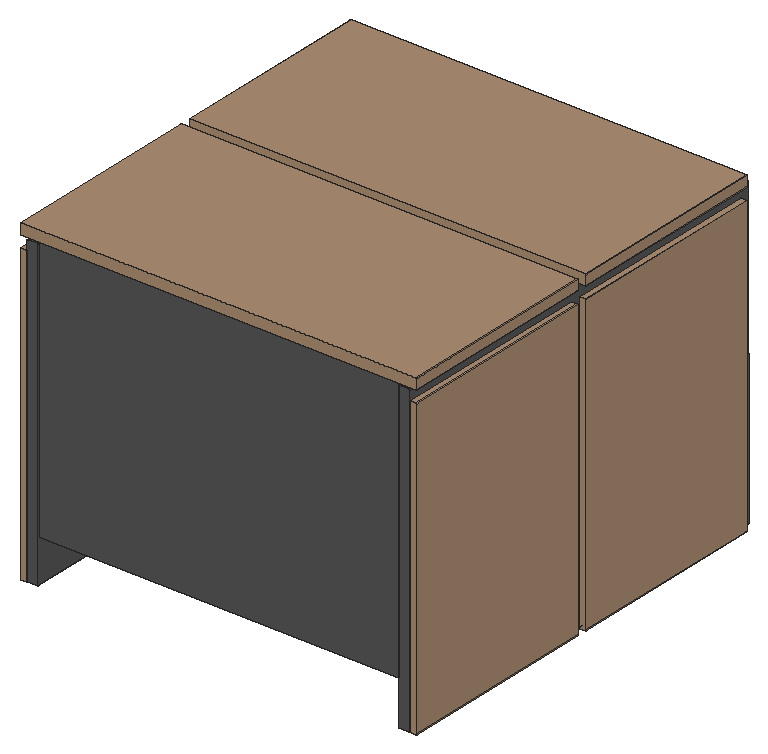
Revit family "Sanitary_Compound-Units_hansgrohe_54254XXX-Xilesa-E-Vanity-unit_580-470_2-drawer_wash-basin", category Furniture, host Face, Revit 2022
Family settings
  Host = Face
  OmniClass Number = 23.21.19.15.33.13
  OmniClass Title = Residential Bathroom Specialty Casework
  Cut with Voids When Loaded = No
  Render Appearance Source = Family Geometry
  Shared = No
  Room Calculation Point = No
Parameters (values of type "550 Cashmere Oak")
  Version = 1  # constant formula
  URL = "https://www.hansgrohe.com/"
  Product data url = "https://www.bimobject.com/en/hansgrohe/product/54254XXX"
  Product Page URL = "https://www.hansgrohe.com/articledetail--54254550"
  Model = "54254XXX"  # constant formula
  Material 3 = Hansgrohe - Metal - Black
  Material 2 = Hansgrohe - MDF - Matt Black
  Material 1 = Hansgrohe - MDF - 550 Cashmere Oak
  Manufacturer = "Hansgrohe"  # constant formula
  Height = 0 mm
  Description = "Xilesa E Vanity unit 580/470 with 2 drawers for wash basin"  # constant formula
  Default Elevation = 0 mm
  Date Updated = ""
  Date Created = "2024/02/03"  # constant formula
Types (5, lengths in mm): name | Material 1
  (no name) | Hansgrohe - MDF - 550 Cashmere Oak
  550 Cashmere Oak | Hansgrohe - MDF - 550 Cashmere Oak
  700 Matt White | Hansgrohe - MDF - 700 Matt White
  760 Slate Matt Grey | Hansgrohe - MDF - 760 Slate Matt Grey
  780 Sand Matt Beige | Hansgrohe - MDF - 780 Sand Matt Beige
Reference planes
  plane 1 "Center (Front/Back)": y = 0
  plane 2: z = 0
  plane 3 "Center (Left/Right)": x = 0
  plane 4: x = -290
  plane 5: y = -620
  plane 6: z = 468
  plane 7: x = 290
Dimensions and locks
  aligned and locked: plane 2 to host face
  aligned and locked: level to host face
Nested families
  nested 1: "54254XXX" at (0, -620, 0) x (1, 0, 0) z (0, 1, 0), Material 1 <- "Material 1", Material 2 <- "Material 2", Material 3 <- "Material 3", type "54254XXX"
    with Material 3 Hansgrohe - Metal - Black, Material 2 Hansgrohe - MDF - Matt Black, Material 1 Hansgrohe - MDF - 550 Cashmere Oak
Definition of nested family "54254XXX"
  Parameters (values of type "54254XXX")
    Version = 1  # constant formula
    URL = "https://www.hansgrohe.com/"
    Product data url = "https://www.bimobject.com/en/hansgrohe/product/54254XXX"
    Product Page URL = "https://www.hansgrohe.com/articledetail--54254550"
    Model = "54254XXX"  # constant formula
    Material 3 [instance] = none
    Material 2 [instance] = none
    Material 1 [instance] = none
    Manufacturer = "Hansgrohe"  # constant formula
    Description = "Xilesa E Vanity unit 580/470 with 2 drawers for wash basin"  # constant formula
    Default Elevation = 1219.2 mm
    Date Updated = ""
    Date Created = "2024/12/16"  # constant formula
  Reference planes
    plane 1 "Center (Front/Back)": y = 0
    plane 2: z = 0
    plane 3 "Center (Left/Right)": x = 0
  Forms (mm)
    Extrusion 1, solid, material <- "Material 1", detail levels medium+fine
      sketch origin (0, 0, 0) x (1, 0, 0) y (0, 1, 0)
        loop
          line (-280.6, 0) -> (-289.2, 0)
          arc (-289.2, 0) -> (-289.766, -0.234) -> (-290, -0.8) r 0.8
          line (-290, -0.8) -> (-290, -433.9)
          arc (-290, -433.9) -> (-289.766, -434.466) -> (-289.2, -434.7) r 0.8
          line (-289.2, -434.7) -> (-280.6, -434.7)
          arc (-280.6, -434.7) -> (-280.034, -434.466) -> (-279.8, -433.9) r 0.8
          line (-279.8, -433.9) -> (-279.8, -0.8)
          arc (-279.8, -0.8) -> (-280.034, -0.234) -> (-280.6, 0) r 0.8
        loop
          arc (280.6, 0) -> (280.034, -0.234) -> (279.8, -0.8) r 0.8
          line (279.8, -0.8) -> (279.8, -433.9)
          arc (279.8, -433.9) -> (280.034, -434.466) -> (280.6, -434.7) r 0.8
          line (280.6, -434.7) -> (289.2, -434.7)
          arc (289.2, -434.7) -> (289.766, -434.466) -> (290, -433.9) r 0.8
          line (290, -433.9) -> (290, -0.8)
          arc (290, -0.8) -> (289.766, -0.234) -> (289.2, 0) r 0.8
          line (289.2, 0) -> (280.6, 0)
      from 0 to 295
    Extrusion 2, solid, material <- "Material 1", detail levels medium+fine
      sketch origin (0, -90, 0) x (1, 0, 0) y (0, 1, 0)
        loop
          line (-289.2, -378) -> (289.2, -378)
          arc (289.2, -378) -> (289.766, -377.766) -> (290, -377.2) r 0.8
          line (290, -377.2) -> (290, -362.5)
          arc (290, -362.5) -> (289.766, -361.934) -> (289.2, -361.7) r 0.8
          line (289.2, -361.7) -> (-289.2, -361.7)
          arc (-289.2, -361.7) -> (-289.766, -361.934) -> (-290, -362.5) r 0.8
          line (-290, -362.5) -> (-290, -377.2)
          arc (-290, -377.2) -> (-289.766, -377.766) -> (-289.2, -378) r 0.8
      from 0 to 295
    Extrusion 3, solid, material <- "Material 2", detail levels medium+fine
      sketch origin (0, 0, 0) x (1, 0, 0) y (0, 1, 0)
        loop
          line (-279.8, -0.8) -> (-279.8, -448.9)
          arc (-279.8, -448.9) -> (-279.566, -449.466) -> (-279, -449.7) r 0.8
          line (-279, -449.7) -> (-264.6, -449.7)
          arc (-264.6, -449.7) -> (-264.034, -449.466) -> (-263.8, -448.9) r 0.8
          line (-263.8, -448.9) -> (-263.8, -0.8)
          arc (-263.8, -0.8) -> (-264.034, -0.234) -> (-264.6, 0) r 0.8
          line (-264.6, 0) -> (-279, 0)
          arc (-279, 0) -> (-279.566, -0.234) -> (-279.8, -0.8) r 0.8
        loop
          arc (279.8, -0.8) -> (279.566, -0.234) -> (279, 0) r 0.8
          line (279, 0) -> (264.6, 0)
          arc (264.6, 0) -> (264.034, -0.234) -> (263.8, -0.8) r 0.8
          line (263.8, -0.8) -> (263.8, -448.9)
          arc (263.8, -448.9) -> (264.034, -449.466) -> (264.6, -449.7) r 0.8
          line (264.6, -449.7) -> (279, -449.7)
          arc (279, -449.7) -> (279.566, -449.466) -> (279.8, -448.9) r 0.8
          line (279.8, -448.9) -> (279.8, -0.8)
      from 0 to 620
    Extrusion 4, solid, material <- "Material 2", detail levels fine
      sketch origin (0, 0, 0) x (1, 0, 0) y (0, 1, 0)
        loop
          line (-263.8, -65.2) -> (-263.8, -81.2) -> (263.8, -81.2) -> (263.8, -65.2) -> (-263.8, -65.2)
      from 17 to 125
    Extrusion 5, solid, material <- "Material 2", detail levels fine
      sketch origin (0, 0, 0) x (1, 0, 0) y (0, 1, 0)
        loop
          line (-263.8, -64.7) -> (-263.8, -451.7) -> (263.8, -451.7) -> (263.8, -64.7) -> (-263.8, -64.7)
      from 1 to 17
    Extrusion 6, solid, material <- "Material 3", detail levels fine
      sketch origin (0, -90, 0) x (1, 0, 0) y (0, 1, 0)
        loop
          line (-262.3, -356.9) -> (-262.3, -329.2) -> (-263.8, -329.2) -> (-263.8, -356.9)
          arc (-263.8, -356.9) -> (-263.126, -358.527) -> (-261.5, -359.2) r 2.3
          line (-261.5, -359.2) -> (261.5, -359.2)
          arc (261.5, -359.2) -> (263.126, -358.527) -> (263.8, -356.9) r 2.3
          line (263.8, -356.9) -> (263.8, -329.2) -> (262.3, -329.2) -> (262.3, -356.9)
          arc (262.3, -356.9) -> (262.066, -357.466) -> (261.5, -357.7) r 0.8
          line (261.5, -357.7) -> (-261.5, -357.7)
          arc (-261.5, -357.7) -> (-262.066, -357.466) -> (-262.3, -356.9) r 0.8
      from 569.5 to 619.5
    Extrusion 7, solid, material <- "Material 3", detail levels fine
      sketch origin (50, 0, 1) x (1, 0, 0) y (0, 0, 1)
        loop
          line (198.3, 213.03) -> (198.3, 231.03) -> (183.3, 231.03) -> (183.3, 224.03) -> (192.95, 224.03) -> (192.95, 213.03) -> (198.3, 213.03)
      from 88.7 to 361.7
    Extrusion 8, solid, material <- "Material 3", detail levels fine
      sketch origin (50, 0, 1) x (1, 0, 0) y (0, 0, 1)
        loop
          line (200.05, 211.28) -> (200.05, 232.78) -> (181.55, 232.78) -> (181.55, 211.28) -> (200.05, 211.28)
      from 451.7 to 361.7
    Extrusion 9, solid, material <- "Material 3", detail levels fine
      sketch origin (0, 0, 1) x (1, 0, 0) y (0, 0, 1)
        loop
          line (-242.5, 223.8) -> (-242.5, 113.608) -> (-248.2, 97.947) -> (-248.2, 48) -> (-219.9, 48) -> (-219.9, 223.8) -> (-242.5, 223.8)
        loop
          line (242.5, 223.8) -> (219.9, 223.8) -> (219.9, 48) -> (248.2, 48) -> (248.2, 97.947) -> (242.5, 113.608) -> (242.5, 223.8)
      from 91.9 to 109.4
    Extrusion 10, void
      sketch origin (0, 0, 1) x (1, 0, 0) y (0, 0, 1)
        loop
          line (-241.5, 222.8) -> (-241.5, 113.431) -> (-247.2, 97.771) -> (-247.2, 49) -> (-220.9, 49) -> (-220.9, 222.8) -> (-241.5, 222.8)
        loop
          line (241.5, 222.8) -> (220.9, 222.8) -> (220.9, 49) -> (247.2, 49) -> (247.2, 97.771) -> (241.5, 113.431) -> (241.5, 222.8)
      from 91.9 to 108.7
    Extrusion 11, solid, material <- "Material 2", detail levels fine
      sketch origin (0, 0, 0) x (0, 1, 0) y (0, 0, 1)
        loop
          line (-92.7, 35.48) -> (-92.7, 114.5)
          arc (-92.7, 114.5) -> (-92.847, 114.854) -> (-93.2, 115) r 0.5
          line (-93.2, 115) -> (-108.2, 115)
          arc (-108.2, 115) -> (-108.554, 114.854) -> (-108.7, 114.5) r 0.5
          line (-108.7, 114.5) -> (-108.7, 35.48)
          arc (-108.7, 35.48) -> (-108.554, 35.126) -> (-108.2, 34.98) r 0.5
          line (-108.2, 34.98) -> (-93.2, 34.98)
          arc (-93.2, 34.98) -> (-92.847, 35.126) -> (-92.7, 35.48) r 0.5
      from -220 to 220
    Extrusion 12, solid, material <- "Material 3", detail levels fine
      sketch origin (-50, 0, 1) x (-1, 0, 0) y (0, 0, -1)
        loop
          line (198.3, -213.03) -> (192.95, -213.03) -> (192.95, -224.03) -> (183.3, -224.03) -> (183.3, -231.03) -> (198.3, -231.03) -> (198.3, -213.03)
      from 88.7 to 361.7
    Extrusion 13, solid, material <- "Material 3", detail levels fine
      sketch origin (-50, 0, 1) x (-1, 0, 0) y (0, 0, -1)
        loop
          line (200.05, -211.28) -> (181.55, -211.28) -> (181.55, -232.78) -> (200.05, -232.78) -> (200.05, -211.28)
      from 451.7 to 361.7
    Extrusion 14, solid, material <- "Material 1", detail levels coarse
      sketch origin (0, 0, 0) x (1, 0, 0) y (0, 1, 0)
        loop
          line (-290, -468) -> (290, -468) -> (290, 0) -> (263.8, 0) -> (263.8, -451.7) -> (-263.8, -451.7) -> (-263.8, 0) -> (-290, 0) -> (-290, -468)
      from 0 to 620
    Extrusion 15, solid, material <- "Material 1", detail levels medium+fine
      sketch origin (0, 0, 0) x (1, 0, 0) y (0, 1, 0)
        loop
          line (-280.6, 0) -> (-289.2, 0)
          arc (-289.2, 0) -> (-289.766, -0.234) -> (-290, -0.8) r 0.8
          line (-290, -0.8) -> (-290, -433.9)
          arc (-290, -433.9) -> (-289.766, -434.466) -> (-289.2, -434.7) r 0.8
          line (-289.2, -434.7) -> (-280.6, -434.7)
          arc (-280.6, -434.7) -> (-280.034, -434.466) -> (-279.8, -433.9) r 0.8
          line (-279.8, -433.9) -> (-279.8, -0.8)
          arc (-279.8, -0.8) -> (-280.034, -0.234) -> (-280.6, 0) r 0.8
        loop
          arc (280.6, 0) -> (280.034, -0.234) -> (279.8, -0.8) r 0.8
          line (279.8, -0.8) -> (279.8, -433.9)
          arc (279.8, -433.9) -> (280.034, -434.466) -> (280.6, -434.7) r 0.8
          line (280.6, -434.7) -> (289.2, -434.7)
          arc (289.2, -434.7) -> (289.766, -434.466) -> (290, -433.9) r 0.8
          line (290, -433.9) -> (290, -0.8)
          arc (290, -0.8) -> (289.766, -0.234) -> (289.2, 0) r 0.8
          line (289.2, 0) -> (280.6, 0)
      from 310 to 605
    Extrusion 16, solid, material <- "Material 1", detail levels medium+fine
      sketch origin (0, -90, 0) x (1, 0, 0) y (0, 1, 0)
        loop
          line (-289.2, -378) -> (289.2, -378)
          arc (289.2, -378) -> (289.766, -377.766) -> (290, -377.2) r 0.8
          line (290, -377.2) -> (290, -362.5)
          arc (290, -362.5) -> (289.766, -361.934) -> (289.2, -361.7) r 0.8
          line (289.2, -361.7) -> (-289.2, -361.7)
          arc (-289.2, -361.7) -> (-289.766, -361.934) -> (-290, -362.5) r 0.8
          line (-290, -362.5) -> (-290, -377.2)
          arc (-290, -377.2) -> (-289.766, -377.766) -> (-289.2, -378) r 0.8
      from 310 to 605
    Extrusion 17, solid, material <- "Material 2", detail levels fine
      sketch origin (0, 0, 311) x (1, 0, 0) y (0, 0, 1)
        loop
          line (-172.898, 33.98) -> (172.898, 33.98) -> (222.898, 33.98) -> (222.898, 48.98) -> (-222.898, 48.98) -> (-222.898, 33.98) -> (-172.898, 33.98)
      from 108.7 to 451.7
    Extrusion 18, solid, material <- "Material 3", detail levels fine
      sketch origin (50, 0, 311) x (1, 0, 0) y (0, 0, 1)
        loop
          line (198.3, 213.03) -> (198.3, 231.03) -> (183.3, 231.03) -> (183.3, 224.03) -> (192.95, 224.03) -> (192.95, 213.03) -> (198.3, 213.03)
      from 88.7 to 361.7
    Extrusion 19, solid, material <- "Material 3", detail levels fine
      sketch origin (50, 0, 311) x (1, 0, 0) y (0, 0, 1)
        loop
          line (200.05, 211.28) -> (200.05, 232.78) -> (181.55, 232.78) -> (181.55, 211.28) -> (200.05, 211.28)
      from 451.7 to 361.7
    Extrusion 20, solid, material <- "Material 3", detail levels fine
      sketch origin (0, 0, 311) x (1, 0, 0) y (0, 0, 1)
        loop
          line (-242.5, 223.8) -> (-242.5, 113.608) -> (-248.2, 97.947) -> (-248.2, 48) -> (-219.9, 48) -> (-219.9, 223.8) -> (-242.5, 223.8)
        loop
          line (242.5, 223.8) -> (219.9, 223.8) -> (219.9, 48) -> (248.2, 48) -> (248.2, 97.947) -> (242.5, 113.608) -> (242.5, 223.8)
      from 91.9 to 109.4
    Extrusion 21, void
      sketch origin (0, 0, 311) x (1, 0, 0) y (0, 0, 1)
        loop
          line (-241.5, 222.8) -> (-241.5, 113.431) -> (-247.2, 97.771) -> (-247.2, 49) -> (-220.9, 49) -> (-220.9, 222.8) -> (-241.5, 222.8)
        loop
          line (241.5, 222.8) -> (220.9, 222.8) -> (220.9, 49) -> (247.2, 49) -> (247.2, 97.771) -> (241.5, 113.431) -> (241.5, 222.8)
      from 91.9 to 108.7
    Extrusion 22, solid, material <- "Material 3", detail levels fine
      sketch origin (-50, 0, 311) x (-1, 0, 0) y (0, 0, -1)
        loop
          line (198.3, -213.03) -> (192.95, -213.03) -> (192.95, -224.03) -> (183.3, -224.03) -> (183.3, -231.03) -> (198.3, -231.03) -> (198.3, -213.03)
      from 88.7 to 361.7
    Extrusion 23, solid, material <- "Material 3", detail levels fine
      sketch origin (-50, 0, 311) x (-1, 0, 0) y (0, 0, -1)
        loop
          line (200.05, -211.28) -> (181.55, -211.28) -> (181.55, -232.78) -> (200.05, -232.78) -> (200.05, -211.28)
      from 451.7 to 361.7
    Extrusion 24, solid, material <- "Material 3", detail levels fine
      sketch origin (0, -90, 0) x (1, 0, 0) y (0, 1, 0)
        loop
          line (-262.3, -356.9) -> (-262.3, -329.2) -> (-263.8, -329.2) -> (-263.8, -356.9)
          arc (-263.8, -356.9) -> (-263.126, -358.527) -> (-261.5, -359.2) r 2.3
          line (-261.5, -359.2) -> (261.5, -359.2)
          arc (261.5, -359.2) -> (263.126, -358.527) -> (263.8, -356.9) r 2.3
          line (263.8, -356.9) -> (263.8, -329.2) -> (262.3, -329.2) -> (262.3, -356.9)
          arc (262.3, -356.9) -> (262.066, -357.466) -> (261.5, -357.7) r 0.8
          line (261.5, -357.7) -> (-261.5, -357.7)
          arc (-261.5, -357.7) -> (-262.066, -357.466) -> (-262.3, -356.9) r 0.8
      from 277 to 327
    Extrusion 25, solid, material <- "Material 2", detail levels fine
      sketch origin (0, 0, 1) x (1, 0, 0) y (0, 0, 1)
        loop
          line (-222.898, 33.98) -> (222.898, 33.98) -> (222.898, 48.98) -> (-222.898, 48.98) -> (-222.898, 33.98)
      from 109.4 to 451.7
    Extrusion 26, solid, material <- "Material 2", detail levels fine
      sketch origin (0, 0, 310) x (0, 1, 0) y (0, 0, 1)
        loop
          line (-92.7, 35.48) -> (-92.7, 114.5)
          arc (-92.7, 114.5) -> (-92.847, 114.854) -> (-93.2, 115) r 0.5
          line (-93.2, 115) -> (-108.2, 115)
          arc (-108.2, 115) -> (-108.554, 114.854) -> (-108.7, 114.5) r 0.5
          line (-108.7, 114.5) -> (-108.7, 35.48)
          arc (-108.7, 35.48) -> (-108.554, 35.127) -> (-108.2, 34.98) r 0.5
          line (-108.2, 34.98) -> (-93.2, 34.98)
          arc (-93.2, 34.98) -> (-92.847, 35.127) -> (-92.7, 35.48) r 0.5
      from -220 to 220
    Extrusion 27, solid, material <- "Material 3", detail levels fine
      sketch origin (0, 0, 311) x (1, 0, 0) y (0, 0, 1)
        loop
          line (252.091, 33.98) -> (252.091, 115.48) -> (233.591, 115.48) -> (232.786, 100.114) -> (230.22, 99.98) -> (227.791, 53.623)
          arc (227.791, 53.623) -> (226.271, 50.325) -> (222.898, 48.98) r 4.9
          line (222.898, 48.98) -> (222.898, 33.98) -> (252.091, 33.98)
        loop
          line (-252.091, 33.98) -> (-222.898, 33.98) -> (-222.898, 48.98)
          arc (-222.898, 48.98) -> (-226.271, 50.325) -> (-227.791, 53.623) r 4.9
          line (-227.791, 53.623) -> (-230.22, 99.98) -> (-232.786, 100.114) -> (-233.591, 115.48) -> (-252.091, 115.48) -> (-252.091, 33.98)
      from 108.7 to 451.7
    Extrusion 28, solid, material <- "Material 3", detail levels fine
      sketch origin (0, 0, 1) x (1, 0, 0) y (0, 0, 1)
        loop
          line (252.091, 33.98) -> (252.091, 115.48) -> (233.591, 115.48) -> (232.786, 100.114) -> (230.22, 99.98) -> (227.791, 53.623)
          arc (227.791, 53.623) -> (226.271, 50.325) -> (222.898, 48.98) r 4.9
          line (222.898, 48.98) -> (222.898, 33.98) -> (252.091, 33.98)
        loop
          line (-252.091, 33.98) -> (-222.898, 33.98) -> (-222.898, 48.98)
          arc (-222.898, 48.98) -> (-226.271, 50.325) -> (-227.791, 53.623) r 4.9
          line (-227.791, 53.623) -> (-230.22, 99.98) -> (-232.786, 100.114) -> (-233.591, 115.48) -> (-252.091, 115.48) -> (-252.091, 33.98)
      from 109.4 to 451.7
  Cuts and joins
    Extrusion 10 cuts Extrusion 9
    Extrusion 21 cuts Extrusion 20
  Lines and regions (mm)
    Masking region 1
      outline origin (0, 0, 0) x (1, 0, 0) y (0, 1, 0)
        loop
          line (-290, -0.8) -> (-290, -433.9)
          arc (-290, -433.9) -> (-289.766, -434.466) -> (-289.2, -434.7) r 0.8
          line (-289.2, -434.7) -> (-280.6, -434.7)
          arc (-280.6, -434.7) -> (-280.034, -434.466) -> (-279.8, -433.9) r 0.8
          line (-279.8, -433.9) -> (-279.8, -451.7) -> (-289.2, -451.7)
          arc (-289.2, -451.7) -> (-289.766, -451.934) -> (-290, -452.5) r 0.8
          line (-290, -452.5) -> (-290, -467.2)
          arc (-290, -467.2) -> (-289.766, -467.766) -> (-289.2, -468) r 0.8
          line (-289.2, -468) -> (0, -468) -> (289.2, -468)
          arc (289.2, -468) -> (289.766, -467.766) -> (290, -467.2) r 0.8
          line (290, -467.2) -> (290, -452.5)
          arc (290, -452.5) -> (289.766, -451.934) -> (289.2, -451.7) r 0.8
          line (289.2, -451.7) -> (279.8, -451.7) -> (279.8, -433.9)
          arc (279.8, -433.9) -> (280.034, -434.466) -> (280.6, -434.7) r 0.8
          line (280.6, -434.7) -> (289.2, -434.7)
          arc (289.2, -434.7) -> (289.766, -434.466) -> (290, -433.9) r 0.8
          line (290, -433.9) -> (290, -0.8)
          arc (290, -0.8) -> (289.766, -0.234) -> (289.2, 0) r 0.8
          line (289.2, 0) -> (280.6, 0)
          arc (280.6, 0) -> (280.034, -0.234) -> (279.8, -0.8) r 0.8
          arc (279.8, -0.8) -> (279.566, -0.234) -> (279, 0) r 0.8
          line (279, 0) -> (264.6, 0)
          arc (264.6, 0) -> (264.034, -0.234) -> (263.8, -0.8) r 0.8
          line (263.8, -0.8) -> (263.8, -64.7) -> (0, -64.7) -> (-263.8, -64.7) -> (-263.8, -0.8)
          arc (-263.8, -0.8) -> (-264.034, -0.234) -> (-264.6, 0) r 0.8
          line (-264.6, 0) -> (-279, 0)
          arc (-279, 0) -> (-279.566, -0.234) -> (-279.8, -0.8) r 0.8
          arc (-279.8, -0.8) -> (-280.034, -0.234) -> (-280.6, 0) r 0.8
          line (-280.6, 0) -> (-289.2, 0)
          arc (-289.2, 0) -> (-289.766, -0.234) -> (-290, -0.8) r 0.8
    Masking region 2
      outline origin (0, 0, 0) x (0, 1, 0) y (0, 0, 1)
        loop
          line (-449.7, 620) -> (-449.7, 543.78) -> (-451.7, 543.78) -> (-451.7, 605) -> (-468, 605) -> (-468, 310) -> (-451.7, 310) -> (-451.7, 344.98) -> (-449.7, 344.98) -> (-449.7, 233.78) -> (-451.7, 233.78) -> (-451.7, 295) -> (-468, 295) -> (-468, 0) -> (-451.7, 0) -> (-451.7, 34.98) -> (-449.7, 34.98) -> (-449.7, 0) -> (0, 0) -> (0, 620) -> (-449.7, 620)
    Masking region 3
      outline origin (0, 0, 0) x (1, 0, 0) y (0, 0, 1)
        loop
          line (-290, 605) -> (-290, 310) -> (-279.8, 310) -> (-279.8, 295) -> (-290, 295) -> (-290, 0) -> (0, 0) -> (290, 0) -> (290, 295) -> (279.8, 295) -> (279.8, 310) -> (290, 310) -> (290, 605) -> (279.8, 605) -> (279.8, 620) -> (0, 620) -> (-279.8, 620) -> (-279.8, 605) -> (-290, 605)
    symbolic lines, detail levels medium+fine
      curve 1: line (-279.8, -451.7, 0) -> (0, -451.7, 0)
      curve 2: line (-263.8, -64.7, 0) -> (-263.8, -451.7, 0)
      curve 3: line (-279.8, -0.8, 0) -> (-279.8, -433.9, 0)
      curve 4: line (-263.8, -81.2, 0) -> (0, -81.2, 0)
      curve 25: line (279.8, -451.7, 0) -> (0, -451.7, 0)
      curve 26: line (263.8, -64.7, 0) -> (263.8, -451.7, 0)
      curve 27: line (279.8, -0.8, 0) -> (279.8, -433.9, 0)
      curve 28: line (263.8, -81.2, 0) -> (0, -81.2, 0)
      curve 49: line (0, -451.7, 33.98) -> (0, -451.7, 233.78)
      curve 50: line (0, -449.7, 543.78) -> (0, -449.7, 344.98)
      curve 53: line (0, -451.7, 212.28) -> (0, -449.7, 212.28)
      curve 54: line (0, -451.7, 116.48) -> (0, -449.7, 116.48)
      curve 55: line (-279.8, 0, 605) -> (279.8, 0, 605)
      curve 56: line (-263.8, 0, 620) -> (-263.8, 0, 605)
      curve 57: line (263.8, 0, 620) -> (263.8, 0, 605)
      curve 62: line (0, -451.7, 344.98) -> (0, -451.7, 543.78)
      curve 63: line (0, -449.7, 233.78) -> (0, -449.7, 33.98)
      curve 65: line (-279.8, 0, 310) -> (279.8, 0, 310)
      curve 66: line (279.8, 0, 295) -> (-279.8, 0, 295)
    symbolic lines, detail levels fine
      curve 5: line (-252.091, -81.2, 0) -> (-252.091, -447.7, 0)
      curve 6: line (-230.22, -81.2, 0) -> (-230.22, -91.9, 0)
      curve 7: line (0, -91.9, 0) -> (-233.3, -91.9, 0)
      curve 8: line (-233.3, -109.4, 0) -> (0, -109.4, 0)
      curve 9: line (-248.3, -88.7, 0) -> (-248.3, -361.7, 0)
      curve 10: line (-233.3, -88.7, 0) -> (-248.3, -88.7, 0)
      curve 11: line (-250.05, -361.7, 0) -> (-250.05, -447.7, 0)
      curve 12: line (-250.05, -361.7, 0) -> (-231.55, -361.7, 0)
      curve 13: line (-231.55, -361.7, 0) -> (-231.55, -447.7, 0)
      curve 14: line (0, -447.7, 0) -> (-261.5, -447.7, 0)
      curve 15: arc (-261.5, -447.7, 0) -> (-262.066, -447.466, 0) -> (-262.3, -446.9, 0) r 0.8
      curve 16: line (-262.3, -446.9, 0) -> (-262.3, -419.2, 0)
      curve 17: line (-262.3, -419.2, 0) -> (-263.8, -419.2, 0)
      curve 18: arc (-263.8, -446.9, 0) -> (-263.126, -448.527, 0) -> (-261.5, -449.2, 0) r 2.3
      curve 19: line (-261.5, -449.2, 0) -> (0, -449.2, 0)
      curve 20: line (-252.091, -449.2, 0) -> (-252.091, -451.7, 0)
      curve 21: line (-250.05, -449.2, 0) -> (-250.05, -451.7, 0)
      curve 22: line (-233.3, -361.7, 0) -> (-233.3, -88.7, 0)
      curve 23: line (-231.55, -449.2, 0) -> (-231.55, -451.7, 0)
      curve 24: line (-230.22, -449.2, 0) -> (-230.22, -451.7, 0)
      curve 29: line (252.091, -81.2, 0) -> (252.091, -447.7, 0)
      curve 30: line (230.22, -81.2, 0) -> (230.22, -91.9, 0)
      curve 31: line (0, -91.9, 0) -> (233.3, -91.9, 0)
      curve 32: line (233.3, -109.4, 0) -> (0, -109.4, 0)
      curve 33: line (248.3, -88.7, 0) -> (248.3, -361.7, 0)
      curve 34: line (233.3, -88.7, 0) -> (248.3, -88.7, 0)
      curve 35: line (250.05, -361.7, 0) -> (250.05, -447.7, 0)
      curve 36: line (250.05, -361.7, 0) -> (231.55, -361.7, 0)
      curve 37: line (231.55, -361.7, 0) -> (231.55, -447.7, 0)
      curve 38: line (0, -447.7, 0) -> (261.5, -447.7, 0)
      curve 39: arc (261.5, -447.7, 0) -> (262.066, -447.466, 0) -> (262.3, -446.9, 0) r 0.8
      curve 40: line (262.3, -446.9, 0) -> (262.3, -419.2, 0)
      curve 41: line (262.3, -419.2, 0) -> (263.8, -419.2, 0)
      curve 42: arc (263.8, -446.9, 0) -> (263.126, -448.527, 0) -> (261.5, -449.2, 0) r 2.3
      curve 43: line (261.5, -449.2, 0) -> (0, -449.2, 0)
      curve 44: line (252.091, -449.2, 0) -> (252.091, -451.7, 0)
      curve 45: line (250.05, -449.2, 0) -> (250.05, -451.7, 0)
      curve 46: line (233.3, -361.7, 0) -> (233.3, -88.7, 0)
      curve 47: line (231.55, -449.2, 0) -> (231.55, -451.7, 0)
      curve 48: line (230.22, -449.2, 0) -> (230.22, -451.7, 0)
      curve 51: line (0, 0, 605) -> (0, -434.7, 605)
      curve 52: line (0, -434.7, 605) -> (0, -434.7, 310)
      curve 58: line (0, -434.7, 310) -> (0, 0, 310)
      curve 59: line (0, 0, 295) -> (0, -434.7, 295)
      curve 60: line (0, -434.7, 295) -> (0, -434.7, 0)
      curve 61: line (0, -451.7, 522.28) -> (0, -449.7, 522.28)
      curve 64: line (0, -449.7, 426.5) -> (0, -451.7, 426.5)
      curve 67: line (230.22, -109.4, 0) -> (230.22, -447.7, 0)
      curve 68: line (-230.22, -109.4, 0) -> (-230.22, -447.7, 0)
  Dimensions and locks
    aligned and locked: level to plane 2
    aligned and locked: Extrusion 18 to Extrusion 19
